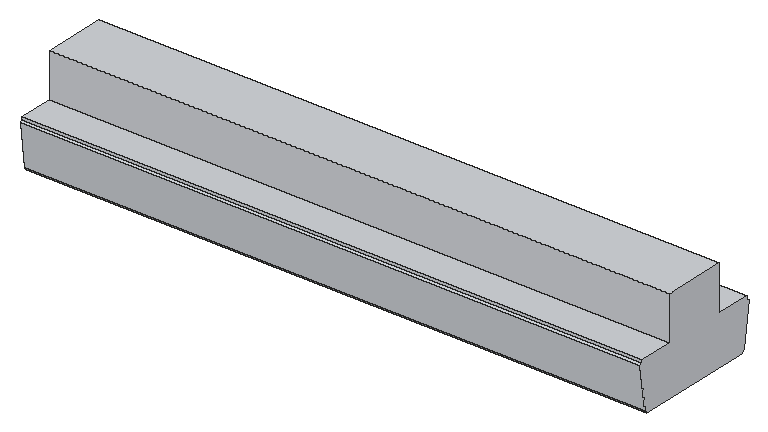
Revit family "Bjælke - KB(B)", category Structural Framing, Revit 2019
Family settings
  Section Shape = Not Defined
  Material for Model Behavior = Other
  Always export as geometry = No
  OmniClass Number = 23.25.30.11.14.14
  OmniClass Title = Beams
  Always vertical = Yes
  Cut with Voids When Loaded = No
  Symbolic Representation = From Family
  Shared = No
  Show family pre-cut in plan views = Yes
Parameters (values of type "KB 38/18")
  Model = if(Bredt Element, "KBB", "KB")  # "KB"
  Kommentar = "Bred hylde kan kun udføres på bredt element"  # constant formula
  Hylde Højde 2 = 180 mm
  Hylde Højde 1 = 180 mm
  Hylde Bredde = if(and(Bredt Element, Bred Hylde), 200 mm, 150 mm)  # 150 mm
  Bredt Element = no
  Bredde = if(Bredt Element, 660 mm, 500 mm)  # 500 mm
  Structural Material [instance] = (empty or 0)
  Manufacturer = "CRH Concrete"  # constant formula
  Length [instance] = 3000 mm
  Højde = 380 mm
  CRH_RFA_TimeStamp_LastRelease = 20191107  # constant formula
  Bred Hylde = no
Types (3, lengths in mm): name | Model | Bredt Element | Bredde
  (no name) | "KB" | no | 500
  KB 38/18 | "KB" | no | 500
  KBB 38/18 | "KBB" | yes | 660
Reference planes
  plane 1 "Center (Front/Back)": y = 0
  plane 2 "Center Elevation": z = 0
  plane 3 "Center (Left/Right)": x = 0
  plane 4 "Left": x = -1500
  plane 5 "Member Left": x = -1250
  plane 6 "Stick Symbol Left": x = -1000
  plane 7 "Right": x = 1500
  plane 8 "Member Right": x = 1250
  plane 9 "Stick Symbol Right": x = 1000
Forms (mm)
  Sweep 1, solid
    path origin (0, 0, 0) x (1, 0, 0) y (0, 1, 0)
      loop
        line (-1250, 0) -> (1250, 0)
    profile "Profile-KB : Profile-KB" origin (0, 0, 0) x (0, 1, 0) y (0, 0, 1)
      loop
        line (-251.429, -368.571) -> (-240, -380) -> (240, -380) -> (251.429, -368.571) -> (272.778, -197.778) -> (265, -190) -> (265, -180) -> (125, -180) -> (125, 0) -> (-125, 0) -> (-125, -180) -> (-265, -180) -> (-265, -190) -> (-272.778, -197.778) -> (-251.429, -368.571)
Lines and regions (mm)
  model lines, style "Stick Symbols", not visible, detail levels coarse
    curve 1: line (-1000, 0, 0) -> (1000, 0, 0)
Dimensions and locks
  equal spacing: plane 4 "Left", plane 3 "Center (Left/Right)", plane 7 "Right"
  "Length": plane 4 "Left" to plane 7 "Right"
  aligned and locked: plane 1 "Center (Front/Back)" to curve 1
  aligned and locked: plane 6 "Stick Symbol Left" to curve 1
  aligned and locked: plane 9 "Stick Symbol Right" to curve 1
  aligned and locked: plane 2 "Center Elevation" to level
  aligned and locked: plane 1 "Center (Front/Back)" to Sweep 1 sketch curve
  aligned and locked: plane 5 "Member Left" to Sweep 1 sketch curve
  aligned and locked: plane 8 "Member Right" to Sweep 1 sketch curve
